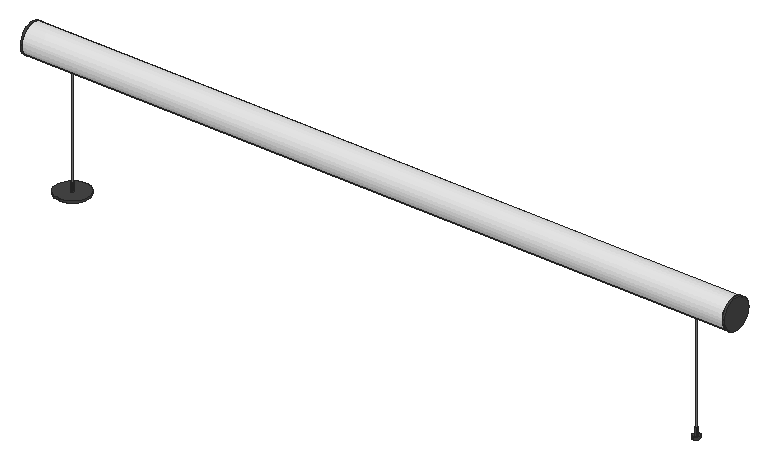
Revit family "Lighting-Linear-Baso-Tubo_Surface_Suspended", category Lighting Fixtures, host Face, Revit 2020
Family settings
  Host = Face
  Round Connector Dimension = Use Diameter
  Part Type = Normal
  OmniClass Number = 23.80.70.11
  OmniClass Title = Luminaries for Internal Lighting
  Cut with Voids When Loaded = No
  Light Source = Yes
  Shared = No
  Room Calculation Point = No
Parameters (values of type "Not A Type - Load Type Catalog")
  Width = Height  # 0' - 4"
  Wattage Comments = ""
  Wattage = 61 W
  Warranty URL = "https://www.basolighting.com/images/pdfs-content/BASO_INC-warranty.pdf"
  built-in parameter 1150110 = 1 (stored number, unit not read)
  Voltage Comments = "Universal 120-277V"  # constant formula
  Voltage = 120 V
  Video Link = ""
  URL = "https://www.basolighting.com/"
  built-in parameter 1114217 = 1 (stored number, unit not read)
  Tilt Angle = -90.00°
  built-in parameter 1150109 = 1 (stored number, unit not read)
  built-in parameter 1150134 = (empty or 0)
  Suspended = yes
  built-in parameter 1150113 = 1 (stored number, unit not read)
  Radius = Height / 2  # 0' - 2"
  Product Page URL = "https://www.basolighting.com/tube"
  Product Name = "Tubo Surface/Suspended"  # constant formula
  Product Documentation Link = "https://www.basolighting.com/images/resources/tube/cut-sheet/TUBE/Surface_Pendant/TUBE-surface-pendant-CS.pdf"
  Power Factor = 0.9
  Photometric Web File = "Select File (Match Photometric File Name)"
  Photometric File Name = "BASO__20_06_TUBO-DIR-OP-40K-1000LF-96IN.ies"
  Phase = 1
  Performance URL = "https://www.basolighting.com/products"
  Number of Poles = if(and(or(Voltage = 120 V, Voltage = 277 V), Phase = 1), 1, if(and(or(Voltage = 208 V, Voltage = 240 V), Phase = 1), 2, if(and(or(Voltage = 208 V, Voltage = 240 V), Phase = 3), 3, if(and(Voltage > 300 V, Phase = 1), 2, if(and(Voltage > 400 V, Phase = 3), 3, 1)))))  # 1
  Mounting Method = if(Suspended, "Suspended", "Pendant")  # "Suspended"
  Material = ""
  Manufacturer Phone Number = "203.262.9990"
  Manufacturer Email = "mailto:Service@basolighting.com"
  Manufacturer Address = "133 W 19th Street New York, NY 10011"
  Lumens Output = "1050lm/ft"
  Load Classification = Lighting
  Length Note = if(or(C Length = 2' 0", C Length = 4' 0", C Length = 6' 0", C Length = 8' 0"), "-", "Custom Length Specified, see spec sheet for details")  # "-"
  Length = 8' - 0"
  Instruction Sheet Link = "https://www.basolighting.com/images/resources/tube/mounting-instruction/TUBE/Surface_Pendant/TUBE-surface-pendant-wall-MI.pdf"
  Height = 0' - 4"  # constant formula
  Has Dimming = 1 = 1  # yes
  Frequency = 0 Hz
  Finish = Metal-Baso-Black-BL
  Suspension Length [instance] = 1' - 3"
  Environment = "Damp Rated"  # constant formula
  C Length = if(Length < 2' 0", 2' 0", (round(Length / 2' 0") * 2' 0"))  # 8' - 0"
  Cable Drop [instance] = if(Drop From Ceiling Tested - Height > 0' 6", Drop From Ceiling Tested - Height, 0' 6")  # 0' - 11"
  Model = "Please Load Accompanying Type Catalog (.txt)"
  Manufacturer = "BASO Inc."
  built-in parameter 1150105 = 264.2 (stored number, unit not read)
  Lumens = 8400 lm
  built-in parameter 1150115 = 1 (stored number, unit not read)
  Lumen Factor = 830 lm
  built-in parameter 1150137 = (empty or 0)
  built-in parameter 1150139 = (empty or 0)
  Lens = Lens-Baso-Opal-OP
  built-in parameter 1150112 = 1 (stored number, unit not read)
  built-in parameter 1150114 = 1 (stored number, unit not read)
  Lamp = "LED"  # constant formula
  built-in parameter 1150132 = 2
  built-in parameter 1150102 = (empty or 0)
  built-in parameter 1150107 = 4000 (stored number, unit not read)
  built-in parameter 1150138 = (empty or 0)
  built-in parameter 1150106 = 2.642 (stored number, unit not read)
  Emit from Rectangle Width = Height  # 0' - 4"
  Emit from Rectangle Length = 1' - 0"
  Emit Shape Visible in Rendering = no
  Emergency [instance] = no
  built-in parameter 1150104 = 12.635 (stored number, unit not read)
  Drop From Ceiling Tested [instance] = if(Suspended, Suspension Length, 0' 0")  # 1' - 3"
  Dimming Lamp Color Temperature Shift = (empty or 0)
  Color Filter = 16777215
  Description = "The multifaceted TUBO fixture fits well into many environments. It can be used to enhance dining rooms, libraries, offices, foyers, schools or retail stores with a unique, modern look. Thanks to its tubular shape, light is emitted evenly in a 340 degree radius with gentle ceiling illumination."  # constant formula
  Default Elevation = 0' - 0"
  Cable = Metal-Baso-Gray-GR
  CRI = "CRI>90"
  CCT = "4000K"
  C Suspension [instance] = if(Suspension Length < 0' 6", 0' 6", if(Suspension Length > 12' 0", 12' 0", Suspension Length))  # 1' - 3"
  built-in parameter 1114218 = 1 (stored number, unit not read)
  built-in parameter 1150133 = 10 (stored number, unit not read)
  Assembly Code = "D5020200"
  Apparent Load = Wattage / Power Factor  # 67.7778 VA
Reference planes (in)
  plane 1 "Center (Left/Right)": x = -0.0174
  plane 2: z = 0
  plane 3 "Center (Front/Back)": y = -1.36108
  plane 4 "Left": x = -48.0174
  plane 5 "Right": x = 47.9826
  plane 6 "Bottom of Fixture": z = 19
  plane 7 "Top of Fixture": z = 15
  plane 8 "Hanging Point 1": x = -42.5174
  plane 9 "Hanging Point 2": x = 42.4826
Forms (in)
  Extrusion 1, solid, material "Metal-Baso-Black-BL" <- "Finish"
    sketch origin (-48.0174, 0, 30) x (0, 1, 0) y (0, 0, 1)
      loop
        arc (-2.54627, -14.611) -> (-1.36108, -15) -> (-0.17589, -14.611) r 2
        line (-0.17589, -14.611) -> (-0.17589, -14.18519) -> (-0.76849, -13.59259) -> (-1.95367, -13.59259) -> (-2.54627, -14.18519) -> (-2.54627, -14.611)
    from 0 to 96
  Extrusion 2, solid, material "Metal-Baso-Black-BL" <- "Finish"
    sketch origin (47.9826, 0, 30) x (0, 1, 0) y (0, 0, 1)
      loop
        circle (-1.36108, -13) r 2
    from -0.3125 to 0
  Extrusion 3, solid, material "Metal-Baso-Black-BL" <- "Finish"
    sketch origin (-48.0174, 0, 30) x (0, 1, 0) y (0, 0, 1)
      loop
        circle (-1.36108, -13) r 2
    from 0.3125 to 0
  Extrusion 4, solid, material "Lens-Baso-Opal-OP" <- "Lens"
    sketch origin (-48.0174, 0, 34.5) x (0, 1, 0) y (0, 0, 1)
      loop
        line (-0.17589, -19.111) -> (-0.17589, -18.95291)
        arc (-0.17589, -18.95291) -> (-1.36108, -15.625) -> (-2.54627, -18.95291) r 1.875
        line (-2.54627, -18.95291) -> (-2.54627, -19.111)
        arc (-2.54627, -19.111) -> (-1.36108, -15.5) -> (-0.17589, -19.111) r 2
    from 0.3125 to 95.6875
Cuts and joins
  joined: Extrusion 1, Extrusion 2, Extrusion 3
Dimensions and locks (in)
  "C Length": plane 4 "Left" to plane 5 "Right"
  equal spacing: plane 4 "Left", plane 1 "Center (Left/Right)", plane 5 "Right"
  "Height": plane 6 "Bottom of Fixture" to plane 7 "Top of Fixture"
  "Drop From Ceiling Tested": plane 7 "Top of Fixture" to level
  locked: plane 4 "Left" to plane 8 "Hanging Point 1" at 5.5
  locked: plane 9 "Hanging Point 2" to plane 5 "Right" at 5.5
  Extrusion 1 sketch curve to Extrusion 1 sketch curve to Extrusion 1 sketch curve to Extrusion 1 sketch curve to Extrusion 1 sketch curve to Extrusion 1 sketch curve to plane 7 "Top of Fixture" = 0' - 0.59259" locked, 0' - 0.59259" locked, 0' - 0" locked, 0' - 0.42582" locked, 0' - 0" locked, 0' - 0.389" locked
  Extrusion 1 sketch curve to Extrusion 1 sketch curve to plane 3 "Center (Front/Back)" to Extrusion 1 sketch curve to Extrusion 1 sketch curve = 0' - 0.59259" locked, 0' - 0.59259" locked, 0' - 0.59259" locked, 0' - 0.59259" locked
  equal spacing: plane 6 "Bottom of Fixture", Extrusion 2 sketch curve, plane 7 "Top of Fixture"
  Extrusion 4 sketch curve to Extrusion 4 sketch curve to Extrusion 4 sketch curve to Extrusion 4 sketch curve to plane 7 "Top of Fixture" = 0' - 0" locked, 0' - 0.15809" locked, 0' - 0" locked, 0' - 0.389" locked
  Extrusion 4 sketch curve to plane 3 "Center (Front/Back)" to Extrusion 4 sketch curve = 0' - 1.18519" locked, 0' - 1.18519" locked
  locked: Extrusion 4 sketch curve to plane 7 "Top of Fixture" at 2
  "Radius": radius of Extrusion 4 sketch curve
  aligned and locked: host face to plane 2
  aligned and locked: host face to level
  aligned and locked: plane 5 "Right" to nested 1
  aligned and locked: plane 4 "Left" to nested 1
  aligned and locked: Extrusion 1 to plane 4 "Left"
  aligned and locked: plane 5 "Right" to Extrusion 1
  aligned and locked: plane 6 "Bottom of Fixture" to imposter light
  aligned and locked: Extrusion 4 to cut or joined group of Extrusion 1, Extrusion 2, Extrusion 3  (x2)
  aligned and locked: Extrusion 3 sketch curve to Extrusion 4
  aligned and locked: plane 4 "Left" to nested 2
  aligned and locked: plane 3 "Center (Front/Back)" to nested 2
  aligned and locked: imposter light to plane 1 "Center (Left/Right)"
  aligned and locked: plane 3 "Center (Front/Back)" to Extrusion 2 sketch curve
  aligned and locked: plane 3 "Center (Front/Back)" to Extrusion 4 sketch curve
Automatic sketch dimensions
  host sketch curve to host sketch curve = 18' - 8.57803"
  host sketch curve to host sketch curve = 16' - 4.71144"
  radius of Extrusion 2 sketch curve = 0' - 2"
Nested families (in)
  nested 1: "Rectangular fill" at (-0.0174, -1.36108, 0.06359), visible <- "Emergency", Width <- "Height", Length <- "C Length", type "Rectangular fill"
    with Width 0' - 4", Length 8' - 0"
  nested 2: "Suspension Nest" at (-48.0174, -1.36108, 0), visible <- "Suspended", type "Suspension Nest"
    with array length 7' - 1", C Short Length 3' - 6 1/2", C Long Length 7' - 1", B 0' - 5 1/2", Array Visbility no, Array Start 3' - 6 1/2", Array 2, Length 8' - 0", C Suspension 1' - 3"
Connectors (in)
  electrical at (-42.5174, -1.36108, 0), driven by "Load Classification", driven by "Number of Poles", driven by "Voltage", driven by "Apparent Load", driven by "Power Factor"
    settings: on nested 2, index 1, voltage 120 V, apparent load 67.7778 VA, apparent load phase1 0 VA, apparent load phase2 0 VA, apparent load phase3 0 VA, power factor 0.9, load classification "Lighting", number of poles 1, system type 30, power factor state 1, is connector primary yes, connector utility no, sub classification motor no, connector description "Power Connection"
Definition of nested family "Suspension Nest"
  Parameters (values of type "Suspension Nest")
    over 96" = if(Length > 8' 11", 1 = 1, if(Length < 8' 11", 0 = 1, 0 = 1))  # no
    array length [instance] = (Length - (2 * B))  # 1' - 1"
    Warranty URL = "https://www.xalusa.com/images/pdfs-content/warranty.pdf"
    Video Link = ""
    Version = "2019 - v1.0a"  # constant formula
    URL = "www.xalusa.com/"
    Support Phone = "224-699-9545"  # constant formula
    Support Email = "mailto:support@bimsmith.com"
    Product Page URL = ""
    Product Name = ""
    Product Documentation Link = ""
    Material = ""
    Manufacturer Phone Number = "203.262.9990"  # constant formula
    Manufacturer Email = "mailto:Service@xalusa.com"
    Manufacturer Address = "133 W 19th Street New York, NY 10011"  # constant formula
    Manufacturer = "XAL Inc."  # constant formula
    Length = 2' - 0"
    Finish = none
    Default Elevation = 4' - 0"
    Cable = none
    C Suspension = 2' - 0"
    C Short Length [instance] = (Length - (2 * B)) / 2  # 0' - 6 1/2"
    C Long Length [instance] = Length - (2 * B)  # 1' - 1"
    B [instance] = 0' - 5 1/2"  # constant formula
    Array Visbility [instance] = if(Length > 8' 11", 1 = 1, if(Length < 8' 11", 0 = 1, 0 = 1))  # no
    Array Start [instance] = array length / Array  # 0' - 6 1/2"
    Array [instance] = if((round(array length / 8' 0") * 1) < 2, 2, (round(array length / 8' 0") * 1))  # 2
    Apparent Load = 0 VA
  Reference planes (in)
    plane 1 "Center (Front/Back)": y = 0
    plane 2: z = 0
    plane 3 "Center (Left/Right)": x = 0
    plane 4: x = -48
    plane 5: x = 48
    plane 6: y = 48
    plane 7: y = -48
    plane 8: z = 24
    plane 9 "T": z = 24.74874
    plane 10: z = 27.74874
    plane 11: x = 5.5
    plane 12: x = 12
    plane 13: x = 18.5
  Forms (in)
    Extrusion 1, solid
      sketch origin (0, 0, 0) x (1, 0, 0) y (0, 1, 0)
        loop
          line (-48, 48) -> (-48, -48) -> (48, -48) -> (48, 48) -> (-48, 48)
      from 0 to -12
    Extrusion 2, solid, not visible
      sketch origin (0, 0, 0) x (1, 0, 0) y (0, 1, 0)
        loop
          circle (0, 0) r 0.5
      from 1.37318 to 1.75
  Dimensions and locks (in)
    equal spacing: plane 4, plane 3 "Center (Left/Right)", plane 5
    equal spacing: plane 6, plane 1 "Center (Front/Back)", plane 7
    "C Suspension": plane 8 to plane 2
    plane 10 to plane 9 "T" to plane 8 = 0' - 3" locked, 0' - 0.74874" locked
    "B": plane 3 "Center (Left/Right)" to plane 11
    connector elem to plane 11 = 0' - 5 1/2"
    group 1 to group 2 = 0' - 6 1/2"
    group 1 to group 2 = 0' - 0"  (x2)
    "Array Start": plane 11 to plane 12
    "array length": plane 11 to plane 13
    aligned and locked: plane 2 to Extrusion 1
    aligned and locked: level to Extrusion 1
    aligned and locked: nested 1 to plane 1 "Center (Front/Back)"
    aligned and locked: nested 2 to plane 1 "Center (Front/Back)"
    aligned and locked: plane 11 to nested 1
    aligned and locked: plane 13 to nested 4
    aligned and locked: plane 12 to nested 3
    aligned and locked: nested 3 to plane 1 "Center (Front/Back)"
    aligned and locked: nested 4 to plane 1 "Center (Front/Back)"
    aligned and locked: plane 13 to nested 2
  Automatic sketch dimensions
    Extrusion 1 sketch curve to Extrusion 1 sketch curve = 8' - 0"  (x2)
    plane 1 "Center (Front/Back)" to Extrusion 2 sketch curve = 0' - 0"
    Extrusion 2 sketch curve to plane 3 "Center (Left/Right)" = 0' - 0"
    radius of Extrusion 2 sketch curve = 0' - 0 1/2"
  Nested families (in)
    nested 1: "Aircraft Suspension" at (5.5, 0, 0) x (0, 1, 0) z (0, 0, 1), Cover Plate Material <- "Finish", Cable Extension <- "C Suspension", type "Aircraft Suspension"
      with Rod Radius 0' - 0 1/16", Power Feed yes, Default Elevation 0' - 0", Cover Plate Thickness 0' - 0 1/4", Cover Plate Radius 0' - 2 3/16", Cover Plate Material none, Cable Gripper Radius 0' - 0 3/16", Cable Gripper Height 0' - 1", Cable Extension 2' - 0"
    nested 2: "Aircraft Suspension" at (18.5, 0, 0) x (0, 1, 0) z (0, 0, 1), Cable Extension <- "C Suspension", Cover Plate Material <- "Finish", type "Aircraft Suspension"
      with Rod Radius 0' - 0 1/16", Power Feed yes, Default Elevation 0' - 0", Cover Plate Thickness 0' - 0 1/4", Cover Plate Radius 0' - 0 1/2", Cover Plate Material none, Cable Gripper Radius 0' - 0 3/16", Cable Gripper Height 0' - 1", Cable Extension 2' - 0"
    nested 3: "Aircraft Suspension" at (12, 0, 0) x (0, 1, 0) z (0, 0, 1), visible <- "over 96"", Cable Extension <- "C Suspension", Cover Plate Material <- "Finish", type "Aircraft Suspension"
      with Rod Radius 0' - 0 1/16", Power Feed yes, Default Elevation 0' - 0", Cover Plate Thickness 0' - 0 1/4", Cover Plate Radius 0' - 0 1/2", Cover Plate Material none, Cable Gripper Radius 0' - 0 3/16", Cable Gripper Height 0' - 1", Cable Extension 2' - 0"
    nested 4: "Aircraft Suspension" at (18.5, 0, 0) x (0, 1, 0) z (0, 0, 1), visible <- "over 96"", Cable Extension <- "C Suspension", Cover Plate Material <- "Finish", type "Aircraft Suspension"
      with Rod Radius 0' - 0 1/16", Power Feed yes, Default Elevation 0' - 0", Cover Plate Thickness 0' - 0 1/4", Cover Plate Radius 0' - 0 1/2", Cover Plate Material none, Cable Gripper Radius 0' - 0 3/16", Cable Gripper Height 0' - 1", Cable Extension 2' - 0"
  Connectors (in)
    electrical at (0, 0, 1.37318), driven by "Apparent Load"
      settings: on Extrusion 2, index 1, voltage 0 V, apparent load 0 VA, apparent load phase1 0 VA, apparent load phase2 0 VA, apparent load phase3 0 VA, power factor 0, load classification none, number of poles 1, system type 30, power factor state 1, is connector primary yes, connector utility no, sub classification motor no, connector description "Power Connection"
  Definition of nested family "Aircraft Suspension"
    Parameters (values of type "Aircraft Suspension")
      Rod Radius [instance] = 0' - 0 1/16"
      Power Feed [instance] = yes
      Default Elevation [instance] = 0' - 0"
      Cover Plate Radius [instance] = 0' - 2 3/16"
      Cover Plate Material [instance] = none
      Cover Plate Thickness [instance] = 0' - 0 1/4"
      Cable Gripper Radius [instance] = 0' - 0 3/16"
      Cable Gripper Height [instance] = 0' - 1"
      Cable Extension [instance] = 0' - 6"
      Cable = none
      Assembly Code = ""
    Reference planes (in)
      plane 1 "Center (Front/Back)": y = 0
      plane 2: z = 0
      plane 3 "Center (Left/Right)": x = 0
      plane 4: z = 6
      plane 5: z = 0.25
      plane 6: z = 0
      plane 7: z = -1.5
    Forms (in)
      Extrusion 1, solid
        sketch origin (0, 0, 0) x (1, 0, 0) y (0, 1, 0)
          loop
            line (-48, 48) -> (-48, -48) -> (48, -48) -> (48, 48) -> (-48, 48)
        from 0 to -12
      Extrusion 2, solid, material <- "Cover Plate Material"
        sketch origin (-4.93153, -180, 0) x (-1, 0, 0) y (0, -1, 0)
          loop
            circle (-4.93153, -180) r 2.1875
        from 0 to 0.25
      Extrusion 3, solid, material <- "Cable"
        sketch origin (-4.93153, -180, 0.25) x (-1, 0, 0) y (0, -1, 0)
          loop
            circle (-4.93153, -180) r 0.0625
        from 0 to 5.75
      Extrusion 4, solid, material <- "Cover Plate Material"
        sketch origin (-4.93153, -180, 0.25) x (-1, 0, 0) y (0, -1, 0)
          loop
            circle (-4.93153, -180) r 0.1875
        from 0 to 1 <- "Cable Gripper Height"
    Dimensions and locks (in)
      "Cable Extension": plane 4 to level
      "Cover Plate Thickness": plane 5 to plane 6
      locked: plane 6 to plane 7 at 1.5
      "Default Elevation": plane 6 to level
      "Cover Plate Radius": radius of Extrusion 2 sketch curve
      "Rod Radius": radius of Extrusion 3 sketch curve
      "Cable Gripper Radius": radius of Extrusion 4 sketch curve
      aligned and locked: plane 2 to Extrusion 1
      aligned and locked: level to Extrusion 1
      aligned and locked: plane 4 to Extrusion 3
      aligned and locked: plane 5 to Extrusion 2
    Automatic sketch dimensions
      Extrusion 1 sketch curve to Extrusion 1 sketch curve = 8' - 0"  (x2)
      plane 1 "Center (Front/Back)" to Extrusion 2 sketch curve = 0' - 0"
      Extrusion 2 sketch curve to plane 3 "Center (Left/Right)" = 0' - 0"
      plane 1 "Center (Front/Back)" to Extrusion 3 sketch curve = 0' - 0"
      Extrusion 3 sketch curve to plane 3 "Center (Left/Right)" = 0' - 0"
Definition of nested family "Rectangular fill"
  Parameters
    Width [instance] = 2' - 0"
    Length [instance] = 4' - 0"
    Assembly Code = ""
  Reference planes (in)
    plane 1 "Center (Front/Back)": y = 0
    plane 2: z = 0
    plane 3 "Center (Left/Right)": x = 0
    plane 4: x = -24
    plane 5: y = -12
    plane 6: y = 12
    plane 7: x = 24
  Lines and regions (in)
    Filled region 1, type "Solid Fill - Black", in view "Ref. Level"
      outline origin (0, 0, 0) x (1, 0, 0) y (0, 1, 0)
        loop
          line (-24, 12) -> (-24, -12) -> (24, -12) -> (-24, 12)
    detail lines, in view "Ref. Level"
      curve 1: line (-24, -12, 0) -> (24, -12, 0)
      curve 2: line (-24, 12, 0) -> (-24, -12, 0)
      curve 3: line (24, 12, 0) -> (-24, 12, 0)
      curve 4: line (24, -12, 0) -> (24, 12, 0)
  Dimensions and locks (in)
    equal spacing: plane 4, plane 3 "Center (Left/Right)", plane 7
    equal spacing: plane 6, plane 1 "Center (Front/Back)", plane 5
    "Length": plane 4 to plane 7
    "Width": plane 6 to plane 5
    aligned and locked: Filled region 1 sketch curve to plane 4
    aligned and locked: Filled region 1 sketch curve to plane 5
    aligned and locked: plane 6 to Filled region 1 sketch curve
    aligned and locked: plane 7 to Filled region 1 sketch curve
    aligned and locked: Filled region 1 to curve 1
    aligned and locked: curve 1 to Filled region 1
    aligned and locked: plane 6 to curve 4
    aligned and locked: plane 7 to curve 4
Types in the file's own list only (360): name | Wattage Comments | Suspended | Photometric File Name | Mounting Method | Lumens Output | Length | C Length | Model | CRI | CCT | Apparent Load
  TUBO-SUR-WH-OP-30K-C80-UNV-010V-0680LF-24IN | "9W" | No | "generic.ies" | "Pendant" | "680lm/ft" | 2' - 0" | 2' - 0" | "TUBO-SUR-WH-OP-30K-C80-UNV-010V-0680LF-24IN" | "CRI>80" | "3000K" | 10 VA
  TUBO-SUR-WH-OP-30K-C80-UNV-010V-0680LF-48IN | "19W" | No | "BASO__20_06_TUBO-DIR-OP-30K-0600LF-48IN.ies" | "Pendant" | "680lm/ft" | 4' - 0" | 4' - 0" | "TUBO-SUR-WH-OP-30K-C80-UNV-010V-0680LF-48IN" | "CRI>80" | "3000K" | 21 VA
  TUBO-SUR-WH-OP-30K-C80-UNV-010V-0680LF-72IN | "29W" | No | "generic.ies" | "Pendant" | "680lm/ft" | 6' - 0" | 6' - 0" | "TUBO-SUR-WH-OP-30K-C80-UNV-010V-0680LF-72IN" | "CRI>80" | "3000K" | 32 VA
  TUBO-SUR-WH-OP-30K-C80-UNV-010V-0680LF-96IN | "38W" | No | "BASO__20_06_TUBO-DIR-OP-30K-0600LF-96IN.ies" | "Pendant" | "680lm/ft" | 8' - 0" | 8' - 0" | "TUBO-SUR-WH-OP-30K-C80-UNV-010V-0680LF-96IN" | "CRI>80" | "3000K" | 42 VA
  TUBO-SUR-WH-OP-30K-C80-UNV-010V-0680LF-XXIN | "47W" | No | "generic.ies" | "Pendant" | "680lm/ft" | 2' - 0" | 2' - 0" | "TUBO-SUR-WH-OP-30K-C80-UNV-010V-0680LF-XXIN" | "CRI>80" | "3000K" | 52 VA
  TUBO-SUR-WH-OP-30K-C80-UNV-010V-1050LF-24IN | "15W" | No | "generic.ies" | "Pendant" | "1050lm/ft" | 2' - 0" | 2' - 0" | "TUBO-SUR-WH-OP-30K-C80-UNV-010V-1050LF-24IN" | "CRI>80" | "3000K" | 17 VA
  TUBO-SUR-WH-OP-30K-C80-UNV-010V-1050LF-48IN | "31W" | No | "BASO__20_06_TUBO-DIR-OP-30K-1000LF-48IN.ies" | "Pendant" | "1050lm/ft" | 4' - 0" | 4' - 0" | "TUBO-SUR-WH-OP-30K-C80-UNV-010V-1050LF-48IN" | "CRI>80" | "3000K" | 34 VA
  TUBO-SUR-WH-OP-30K-C80-UNV-010V-1050LF-72IN | "46W" | No | "generic.ies" | "Pendant" | "1050lm/ft" | 6' - 0" | 6' - 0" | "TUBO-SUR-WH-OP-30K-C80-UNV-010V-1050LF-72IN" | "CRI>80" | "3000K" | 51 VA
  TUBO-SUR-WH-OP-30K-C80-UNV-010V-1050LF-96IN | "61W" | No | "BASO__20_06_TUBO-DIR-OP-30K-1000LF-96IN.ies" | "Pendant" | "1050lm/ft" | 8' - 0" | 8' - 0" | "TUBO-SUR-WH-OP-30K-C80-UNV-010V-1050LF-96IN" | "CRI>80" | "3000K" | 68 VA
  TUBO-SUR-WH-OP-30K-C80-UNV-010V-1050LF-XXIN | "77W" | No | "generic.ies" | "Pendant" | "1050lm/ft" | 2' - 0" | 2' - 0" | "TUBO-SUR-WH-OP-30K-C80-UNV-010V-1050LF-XXIN" | "CRI>80" | "3000K" | 86 VA
  TUBO-SUR-WH-OP-30K-C90-UNV-010V-0680LF-24IN | "9W" | No | "generic.ies" | "Pendant" | "680lm/ft" | 2' - 0" | 2' - 0" | "TUBO-SUR-WH-OP-30K-C90-UNV-010V-0680LF-24IN" | "CRI>90" | "3000K" | 10 VA
  TUBO-SUR-WH-OP-30K-C90-UNV-010V-0680LF-48IN | "19W" | No | "BASO__20_06_TUBO-DIR-OP-30K-0600LF-48IN.ies" | "Pendant" | "680lm/ft" | 4' - 0" | 4' - 0" | "TUBO-SUR-WH-OP-30K-C90-UNV-010V-0680LF-48IN" | "CRI>90" | "3000K" | 21 VA
  TUBO-SUR-WH-OP-30K-C90-UNV-010V-0680LF-72IN | "29W" | No | "generic.ies" | "Pendant" | "680lm/ft" | 6' - 0" | 6' - 0" | "TUBO-SUR-WH-OP-30K-C90-UNV-010V-0680LF-72IN" | "CRI>90" | "3000K" | 32 VA
  TUBO-SUR-WH-OP-30K-C90-UNV-010V-0680LF-96IN | "38W" | No | "BASO__20_06_TUBO-DIR-OP-30K-0600LF-96IN.ies" | "Pendant" | "680lm/ft" | 8' - 0" | 8' - 0" | "TUBO-SUR-WH-OP-30K-C90-UNV-010V-0680LF-96IN" | "CRI>90" | "3000K" | 42 VA
  TUBO-SUR-WH-OP-30K-C90-UNV-010V-0680LF-XXIN | "47W" | No | "generic.ies" | "Pendant" | "680lm/ft" | 2' - 0" | 2' - 0" | "TUBO-SUR-WH-OP-30K-C90-UNV-010V-0680LF-XXIN" | "CRI>90" | "3000K" | 52 VA
  TUBO-SUR-WH-OP-30K-C90-UNV-010V-1050LF-24IN | "15W" | No | "generic.ies" | "Pendant" | "1050lm/ft" | 2' - 0" | 2' - 0" | "TUBO-SUR-WH-OP-30K-C90-UNV-010V-1050LF-24IN" | "CRI>90" | "3000K" | 17 VA
  TUBO-SUR-WH-OP-30K-C90-UNV-010V-1050LF-48IN | "31W" | No | "BASO__20_06_TUBO-DIR-OP-30K-1000LF-48IN.ies" | "Pendant" | "1050lm/ft" | 4' - 0" | 4' - 0" | "TUBO-SUR-WH-OP-30K-C90-UNV-010V-1050LF-48IN" | "CRI>90" | "3000K" | 34 VA
  TUBO-SUR-WH-OP-30K-C90-UNV-010V-1050LF-72IN | "46W" | No | "generic.ies" | "Pendant" | "1050lm/ft" | 6' - 0" | 6' - 0" | "TUBO-SUR-WH-OP-30K-C90-UNV-010V-1050LF-72IN" | "CRI>90" | "3000K" | 51 VA
  TUBO-SUR-WH-OP-30K-C90-UNV-010V-1050LF-96IN | "61W" | No | "BASO__20_06_TUBO-DIR-OP-30K-1000LF-96IN.ies" | "Pendant" | "1050lm/ft" | 8' - 0" | 8' - 0" | "TUBO-SUR-WH-OP-30K-C90-UNV-010V-1050LF-96IN" | "CRI>90" | "3000K" | 68 VA
  TUBO-SUR-WH-OP-30K-C90-UNV-010V-1050LF-XXIN | "77W" | No | "generic.ies" | "Pendant" | "1050lm/ft" | 2' - 0" | 2' - 0" | "TUBO-SUR-WH-OP-30K-C90-UNV-010V-1050LF-XXIN" | "CRI>90" | "3000K" | 86 VA
  TUBO-SUR-WH-OP-35K-C80-UNV-010V-0680LF-24IN | "9W" | No | "generic.ies" | "Pendant" | "680lm/ft" | 2' - 0" | 2' - 0" | "TUBO-SUR-WH-OP-35K-C80-UNV-010V-0680LF-24IN" | "CRI>80" | "3500K" | 10 VA
  TUBO-SUR-WH-OP-35K-C80-UNV-010V-0680LF-48IN | "19W" | No | "BASO__20_06_TUBO-DIR-OP-35K-0600LF-48IN.ies" | "Pendant" | "680lm/ft" | 4' - 0" | 4' - 0" | "TUBO-SUR-WH-OP-35K-C80-UNV-010V-0680LF-48IN" | "CRI>80" | "3500K" | 21 VA
  TUBO-SUR-WH-OP-35K-C80-UNV-010V-0680LF-72IN | "29W" | No | "generic.ies" | "Pendant" | "680lm/ft" | 6' - 0" | 6' - 0" | "TUBO-SUR-WH-OP-35K-C80-UNV-010V-0680LF-72IN" | "CRI>80" | "3500K" | 32 VA
  TUBO-SUR-WH-OP-35K-C80-UNV-010V-0680LF-96IN | "38W" | No | "BASO__20_06_TUBO-DIR-OP-35K-0600LF-96IN.ies" | "Pendant" | "680lm/ft" | 8' - 0" | 8' - 0" | "TUBO-SUR-WH-OP-35K-C80-UNV-010V-0680LF-96IN" | "CRI>80" | "3500K" | 42 VA
  TUBO-SUR-WH-OP-35K-C80-UNV-010V-0680LF-XXIN | "47W" | No | "generic.ies" | "Pendant" | "680lm/ft" | 2' - 0" | 2' - 0" | "TUBO-SUR-WH-OP-35K-C80-UNV-010V-0680LF-XXIN" | "CRI>80" | "3500K" | 52 VA
  TUBO-SUR-WH-OP-35K-C80-UNV-010V-1050LF-24IN | "15W" | No | "generic.ies" | "Pendant" | "1050lm/ft" | 2' - 0" | 2' - 0" | "TUBO-SUR-WH-OP-35K-C80-UNV-010V-1050LF-24IN" | "CRI>80" | "3500K" | 17 VA
  TUBO-SUR-WH-OP-35K-C80-UNV-010V-1050LF-48IN | "31W" | No | "BASO__20_06_TUBO-DIR-OP-35K-1000LF-48IN.ies" | "Pendant" | "1050lm/ft" | 4' - 0" | 4' - 0" | "TUBO-SUR-WH-OP-35K-C80-UNV-010V-1050LF-48IN" | "CRI>80" | "3500K" | 34 VA
  TUBO-SUR-WH-OP-35K-C80-UNV-010V-1050LF-72IN | "46W" | No | "generic.ies" | "Pendant" | "1050lm/ft" | 6' - 0" | 6' - 0" | "TUBO-SUR-WH-OP-35K-C80-UNV-010V-1050LF-72IN" | "CRI>80" | "3500K" | 51 VA
  TUBO-SUR-WH-OP-35K-C80-UNV-010V-1050LF-96IN | "61W" | No | "BASO__20_06_TUBO-DIR-OP-35K-1000LF-96IN.ies" | "Pendant" | "1050lm/ft" | 8' - 0" | 8' - 0" | "TUBO-SUR-WH-OP-35K-C80-UNV-010V-1050LF-96IN" | "CRI>80" | "3500K" | 68 VA
  TUBO-SUR-WH-OP-35K-C80-UNV-010V-1050LF-XXIN | "77W" | No | "generic.ies" | "Pendant" | "1050lm/ft" | 2' - 0" | 2' - 0" | "TUBO-SUR-WH-OP-35K-C80-UNV-010V-1050LF-XXIN" | "CRI>80" | "3500K" | 86 VA
  TUBO-SUR-WH-OP-35K-C90-UNV-010V-0680LF-24IN | "9W" | No | "generic.ies" | "Pendant" | "680lm/ft" | 2' - 0" | 2' - 0" | "TUBO-SUR-WH-OP-35K-C90-UNV-010V-0680LF-24IN" | "CRI>90" | "3500K" | 10 VA
  TUBO-SUR-WH-OP-35K-C90-UNV-010V-0680LF-48IN | "19W" | No | "BASO__20_06_TUBO-DIR-OP-35K-0600LF-48IN.ies" | "Pendant" | "680lm/ft" | 4' - 0" | 4' - 0" | "TUBO-SUR-WH-OP-35K-C90-UNV-010V-0680LF-48IN" | "CRI>90" | "3500K" | 21 VA
  TUBO-SUR-WH-OP-35K-C90-UNV-010V-0680LF-72IN | "29W" | No | "generic.ies" | "Pendant" | "680lm/ft" | 6' - 0" | 6' - 0" | "TUBO-SUR-WH-OP-35K-C90-UNV-010V-0680LF-72IN" | "CRI>90" | "3500K" | 32 VA
  TUBO-SUR-WH-OP-35K-C90-UNV-010V-0680LF-96IN | "38W" | No | "BASO__20_06_TUBO-DIR-OP-35K-0600LF-96IN.ies" | "Pendant" | "680lm/ft" | 8' - 0" | 8' - 0" | "TUBO-SUR-WH-OP-35K-C90-UNV-010V-0680LF-96IN" | "CRI>90" | "3500K" | 42 VA
  TUBO-SUR-WH-OP-35K-C90-UNV-010V-0680LF-XXIN | "47W" | No | "generic.ies" | "Pendant" | "680lm/ft" | 2' - 0" | 2' - 0" | "TUBO-SUR-WH-OP-35K-C90-UNV-010V-0680LF-XXIN" | "CRI>90" | "3500K" | 52 VA
  TUBO-SUR-WH-OP-35K-C90-UNV-010V-1050LF-24IN | "15W" | No | "generic.ies" | "Pendant" | "1050lm/ft" | 2' - 0" | 2' - 0" | "TUBO-SUR-WH-OP-35K-C90-UNV-010V-1050LF-24IN" | "CRI>90" | "3500K" | 17 VA
  TUBO-SUR-WH-OP-35K-C90-UNV-010V-1050LF-48IN | "31W" | No | "BASO__20_06_TUBO-DIR-OP-35K-1000LF-48IN.ies" | "Pendant" | "1050lm/ft" | 4' - 0" | 4' - 0" | "TUBO-SUR-WH-OP-35K-C90-UNV-010V-1050LF-48IN" | "CRI>90" | "3500K" | 34 VA
  TUBO-SUR-WH-OP-35K-C90-UNV-010V-1050LF-72IN | "46W" | No | "generic.ies" | "Pendant" | "1050lm/ft" | 6' - 0" | 6' - 0" | "TUBO-SUR-WH-OP-35K-C90-UNV-010V-1050LF-72IN" | "CRI>90" | "3500K" | 51 VA
  TUBO-SUR-WH-OP-35K-C90-UNV-010V-1050LF-96IN | "61W" | No | "BASO__20_06_TUBO-DIR-OP-35K-1000LF-96IN.ies" | "Pendant" | "1050lm/ft" | 8' - 0" | 8' - 0" | "TUBO-SUR-WH-OP-35K-C90-UNV-010V-1050LF-96IN" | "CRI>90" | "3500K" | 68 VA
  TUBO-SUR-WH-OP-35K-C90-UNV-010V-1050LF-XXIN | "77W" | No | "generic.ies" | "Pendant" | "1050lm/ft" | 2' - 0" | 2' - 0" | "TUBO-SUR-WH-OP-35K-C90-UNV-010V-1050LF-XXIN" | "CRI>90" | "3500K" | 86 VA
  TUBO-SUR-WH-OP-40K-C80-UNV-010V-0680LF-24IN | "9W" | No | "generic.ies" | "Pendant" | "680lm/ft" | 2' - 0" | 2' - 0" | "TUBO-SUR-WH-OP-40K-C80-UNV-010V-0680LF-24IN" | "CRI>80" | "4000K" | 10 VA
  TUBO-SUR-WH-OP-40K-C80-UNV-010V-0680LF-48IN | "19W" | No | "BASO__20_06_TUBO-DIR-OP-40K-0600LF-48IN.ies" | "Pendant" | "680lm/ft" | 4' - 0" | 4' - 0" | "TUBO-SUR-WH-OP-40K-C80-UNV-010V-0680LF-48IN" | "CRI>80" | "4000K" | 21 VA
  TUBO-SUR-WH-OP-40K-C80-UNV-010V-0680LF-72IN | "29W" | No | "generic.ies" | "Pendant" | "680lm/ft" | 6' - 0" | 6' - 0" | "TUBO-SUR-WH-OP-40K-C80-UNV-010V-0680LF-72IN" | "CRI>80" | "4000K" | 32 VA
  TUBO-SUR-WH-OP-40K-C80-UNV-010V-0680LF-96IN | "38W" | No | "BASO__20_06_TUBO-DIR-OP-40K-0600LF-96IN.ies" | "Pendant" | "680lm/ft" | 8' - 0" | 8' - 0" | "TUBO-SUR-WH-OP-40K-C80-UNV-010V-0680LF-96IN" | "CRI>80" | "4000K" | 42 VA
  TUBO-SUR-WH-OP-40K-C80-UNV-010V-0680LF-XXIN | "47W" | No | "generic.ies" | "Pendant" | "680lm/ft" | 2' - 0" | 2' - 0" | "TUBO-SUR-WH-OP-40K-C80-UNV-010V-0680LF-XXIN" | "CRI>80" | "4000K" | 52 VA
  TUBO-SUR-WH-OP-40K-C80-UNV-010V-1050LF-24IN | "15W" | No | "generic.ies" | "Pendant" | "1050lm/ft" | 2' - 0" | 2' - 0" | "TUBO-SUR-WH-OP-40K-C80-UNV-010V-1050LF-24IN" | "CRI>80" | "4000K" | 17 VA
  TUBO-SUR-WH-OP-40K-C80-UNV-010V-1050LF-48IN | "31W" | No | "BASO__20_06_TUBO-DIR-OP-40K-1000LF-48IN.ies" | "Pendant" | "1050lm/ft" | 4' - 0" | 4' - 0" | "TUBO-SUR-WH-OP-40K-C80-UNV-010V-1050LF-48IN" | "CRI>80" | "4000K" | 34 VA
  TUBO-SUR-WH-OP-40K-C80-UNV-010V-1050LF-72IN | "46W" | No | "generic.ies" | "Pendant" | "1050lm/ft" | 6' - 0" | 6' - 0" | "TUBO-SUR-WH-OP-40K-C80-UNV-010V-1050LF-72IN" | "CRI>80" | "4000K" | 51 VA
  TUBO-SUR-WH-OP-40K-C80-UNV-010V-1050LF-96IN | "61W" | No | "BASO__20_06_TUBO-DIR-OP-40K-1000LF-96IN.ies" | "Pendant" | "1050lm/ft" | 8' - 0" | 8' - 0" | "TUBO-SUR-WH-OP-40K-C80-UNV-010V-1050LF-96IN" | "CRI>80" | "4000K" | 68 VA
  TUBO-SUR-WH-OP-40K-C80-UNV-010V-1050LF-XXIN | "77W" | No | "generic.ies" | "Pendant" | "1050lm/ft" | 2' - 0" | 2' - 0" | "TUBO-SUR-WH-OP-40K-C80-UNV-010V-1050LF-XXIN" | "CRI>80" | "4000K" | 86 VA
  TUBO-SUR-WH-OP-40K-C90-UNV-010V-0680LF-24IN | "9W" | No | "generic.ies" | "Pendant" | "680lm/ft" | 2' - 0" | 2' - 0" | "TUBO-SUR-WH-OP-40K-C90-UNV-010V-0680LF-24IN" | "CRI>90" | "4000K" | 10 VA
  TUBO-SUR-WH-OP-40K-C90-UNV-010V-0680LF-48IN | "19W" | No | "BASO__20_06_TUBO-DIR-OP-40K-0600LF-48IN.ies" | "Pendant" | "680lm/ft" | 4' - 0" | 4' - 0" | "TUBO-SUR-WH-OP-40K-C90-UNV-010V-0680LF-48IN" | "CRI>90" | "4000K" | 21 VA
  TUBO-SUR-WH-OP-40K-C90-UNV-010V-0680LF-72IN | "29W" | No | "generic.ies" | "Pendant" | "680lm/ft" | 6' - 0" | 6' - 0" | "TUBO-SUR-WH-OP-40K-C90-UNV-010V-0680LF-72IN" | "CRI>90" | "4000K" | 32 VA
  TUBO-SUR-WH-OP-40K-C90-UNV-010V-0680LF-96IN | "38W" | No | "BASO__20_06_TUBO-DIR-OP-40K-0600LF-96IN.ies" | "Pendant" | "680lm/ft" | 8' - 0" | 8' - 0" | "TUBO-SUR-WH-OP-40K-C90-UNV-010V-0680LF-96IN" | "CRI>90" | "4000K" | 42 VA
  TUBO-SUR-WH-OP-40K-C90-UNV-010V-0680LF-XXIN | "47W" | No | "generic.ies" | "Pendant" | "680lm/ft" | 2' - 0" | 2' - 0" | "TUBO-SUR-WH-OP-40K-C90-UNV-010V-0680LF-XXIN" | "CRI>90" | "4000K" | 52 VA
  TUBO-SUR-WH-OP-40K-C90-UNV-010V-1050LF-24IN | "15W" | No | "generic.ies" | "Pendant" | "1050lm/ft" | 2' - 0" | 2' - 0" | "TUBO-SUR-WH-OP-40K-C90-UNV-010V-1050LF-24IN" | "CRI>90" | "4000K" | 17 VA
  TUBO-SUR-WH-OP-40K-C90-UNV-010V-1050LF-48IN | "31W" | No | "BASO__20_06_TUBO-DIR-OP-40K-1000LF-48IN.ies" | "Pendant" | "1050lm/ft" | 4' - 0" | 4' - 0" | "TUBO-SUR-WH-OP-40K-C90-UNV-010V-1050LF-48IN" | "CRI>90" | "4000K" | 34 VA
  TUBO-SUR-WH-OP-40K-C90-UNV-010V-1050LF-72IN | "46W" | No | "generic.ies" | "Pendant" | "1050lm/ft" | 6' - 0" | 6' - 0" | "TUBO-SUR-WH-OP-40K-C90-UNV-010V-1050LF-72IN" | "CRI>90" | "4000K" | 51 VA
  TUBO-SUR-WH-OP-40K-C90-UNV-010V-1050LF-96IN | "61W" | No | "BASO__20_06_TUBO-DIR-OP-40K-1000LF-96IN.ies" | "Pendant" | "1050lm/ft" | 8' - 0" | 8' - 0" | "TUBO-SUR-WH-OP-40K-C90-UNV-010V-1050LF-96IN" | "CRI>90" | "4000K" | 68 VA
  TUBO-SUR-WH-OP-40K-C90-UNV-010V-1050LF-XXIN | "77W" | No | "generic.ies" | "Pendant" | "1050lm/ft" | 2' - 0" | 2' - 0" | "TUBO-SUR-WH-OP-40K-C90-UNV-010V-1050LF-XXIN" | "CRI>90" | "4000K" | 86 VA
  TUBO-SUR-BL-OP-30K-C80-UNV-010V-0680LF-24IN | "9W" | No | "generic.ies" | "Pendant" | "680lm/ft" | 2' - 0" | 2' - 0" | "TUBO-SUR-BL-OP-30K-C80-UNV-010V-0680LF-24IN" | "CRI>80" | "3000K" | 10 VA
  TUBO-SUR-BL-OP-30K-C80-UNV-010V-0680LF-48IN | "19W" | No | "BASO__20_06_TUBO-DIR-OP-30K-0600LF-48IN.ies" | "Pendant" | "680lm/ft" | 4' - 0" | 4' - 0" | "TUBO-SUR-BL-OP-30K-C80-UNV-010V-0680LF-48IN" | "CRI>80" | "3000K" | 21 VA
  TUBO-SUR-BL-OP-30K-C80-UNV-010V-0680LF-72IN | "29W" | No | "generic.ies" | "Pendant" | "680lm/ft" | 6' - 0" | 6' - 0" | "TUBO-SUR-BL-OP-30K-C80-UNV-010V-0680LF-72IN" | "CRI>80" | "3000K" | 32 VA
  TUBO-SUR-BL-OP-30K-C80-UNV-010V-0680LF-96IN | "38W" | No | "BASO__20_06_TUBO-DIR-OP-30K-0600LF-96IN.ies" | "Pendant" | "680lm/ft" | 8' - 0" | 8' - 0" | "TUBO-SUR-BL-OP-30K-C80-UNV-010V-0680LF-96IN" | "CRI>80" | "3000K" | 42 VA
  TUBO-SUR-BL-OP-30K-C80-UNV-010V-0680LF-XXIN | "47W" | No | "generic.ies" | "Pendant" | "680lm/ft" | 2' - 0" | 2' - 0" | "TUBO-SUR-BL-OP-30K-C80-UNV-010V-0680LF-XXIN" | "CRI>80" | "3000K" | 52 VA
  TUBO-SUR-BL-OP-30K-C80-UNV-010V-1050LF-24IN | "15W" | No | "generic.ies" | "Pendant" | "1050lm/ft" | 2' - 0" | 2' - 0" | "TUBO-SUR-BL-OP-30K-C80-UNV-010V-1050LF-24IN" | "CRI>80" | "3000K" | 17 VA
  TUBO-SUR-BL-OP-30K-C80-UNV-010V-1050LF-48IN | "31W" | No | "BASO__20_06_TUBO-DIR-OP-30K-1000LF-48IN.ies" | "Pendant" | "1050lm/ft" | 4' - 0" | 4' - 0" | "TUBO-SUR-BL-OP-30K-C80-UNV-010V-1050LF-48IN" | "CRI>80" | "3000K" | 34 VA
  TUBO-SUR-BL-OP-30K-C80-UNV-010V-1050LF-72IN | "46W" | No | "generic.ies" | "Pendant" | "1050lm/ft" | 6' - 0" | 6' - 0" | "TUBO-SUR-BL-OP-30K-C80-UNV-010V-1050LF-72IN" | "CRI>80" | "3000K" | 51 VA
  TUBO-SUR-BL-OP-30K-C80-UNV-010V-1050LF-96IN | "61W" | No | "BASO__20_06_TUBO-DIR-OP-30K-1000LF-96IN.ies" | "Pendant" | "1050lm/ft" | 8' - 0" | 8' - 0" | "TUBO-SUR-BL-OP-30K-C80-UNV-010V-1050LF-96IN" | "CRI>80" | "3000K" | 68 VA
  TUBO-SUR-BL-OP-30K-C80-UNV-010V-1050LF-XXIN | "77W" | No | "generic.ies" | "Pendant" | "1050lm/ft" | 2' - 0" | 2' - 0" | "TUBO-SUR-BL-OP-30K-C80-UNV-010V-1050LF-XXIN" | "CRI>80" | "3000K" | 86 VA
  TUBO-SUR-BL-OP-30K-C90-UNV-010V-0680LF-24IN | "9W" | No | "generic.ies" | "Pendant" | "680lm/ft" | 2' - 0" | 2' - 0" | "TUBO-SUR-BL-OP-30K-C90-UNV-010V-0680LF-24IN" | "CRI>90" | "3000K" | 10 VA
  TUBO-SUR-BL-OP-30K-C90-UNV-010V-0680LF-48IN | "19W" | No | "BASO__20_06_TUBO-DIR-OP-30K-0600LF-48IN.ies" | "Pendant" | "680lm/ft" | 4' - 0" | 4' - 0" | "TUBO-SUR-BL-OP-30K-C90-UNV-010V-0680LF-48IN" | "CRI>90" | "3000K" | 21 VA
  TUBO-SUR-BL-OP-30K-C90-UNV-010V-0680LF-72IN | "29W" | No | "generic.ies" | "Pendant" | "680lm/ft" | 6' - 0" | 6' - 0" | "TUBO-SUR-BL-OP-30K-C90-UNV-010V-0680LF-72IN" | "CRI>90" | "3000K" | 32 VA
  TUBO-SUR-BL-OP-30K-C90-UNV-010V-0680LF-96IN | "38W" | No | "BASO__20_06_TUBO-DIR-OP-30K-0600LF-96IN.ies" | "Pendant" | "680lm/ft" | 8' - 0" | 8' - 0" | "TUBO-SUR-BL-OP-30K-C90-UNV-010V-0680LF-96IN" | "CRI>90" | "3000K" | 42 VA
  TUBO-SUR-BL-OP-30K-C90-UNV-010V-0680LF-XXIN | "47W" | No | "generic.ies" | "Pendant" | "680lm/ft" | 2' - 0" | 2' - 0" | "TUBO-SUR-BL-OP-30K-C90-UNV-010V-0680LF-XXIN" | "CRI>90" | "3000K" | 52 VA
  TUBO-SUR-BL-OP-30K-C90-UNV-010V-1050LF-24IN | "15W" | No | "generic.ies" | "Pendant" | "1050lm/ft" | 2' - 0" | 2' - 0" | "TUBO-SUR-BL-OP-30K-C90-UNV-010V-1050LF-24IN" | "CRI>90" | "3000K" | 17 VA
  TUBO-SUR-BL-OP-30K-C90-UNV-010V-1050LF-48IN | "31W" | No | "BASO__20_06_TUBO-DIR-OP-30K-1000LF-48IN.ies" | "Pendant" | "1050lm/ft" | 4' - 0" | 4' - 0" | "TUBO-SUR-BL-OP-30K-C90-UNV-010V-1050LF-48IN" | "CRI>90" | "3000K" | 34 VA
  TUBO-SUR-BL-OP-30K-C90-UNV-010V-1050LF-72IN | "46W" | No | "generic.ies" | "Pendant" | "1050lm/ft" | 6' - 0" | 6' - 0" | "TUBO-SUR-BL-OP-30K-C90-UNV-010V-1050LF-72IN" | "CRI>90" | "3000K" | 51 VA
  TUBO-SUR-BL-OP-30K-C90-UNV-010V-1050LF-96IN | "61W" | No | "BASO__20_06_TUBO-DIR-OP-30K-1000LF-96IN.ies" | "Pendant" | "1050lm/ft" | 8' - 0" | 8' - 0" | "TUBO-SUR-BL-OP-30K-C90-UNV-010V-1050LF-96IN" | "CRI>90" | "3000K" | 68 VA
  TUBO-SUR-BL-OP-30K-C90-UNV-010V-1050LF-XXIN | "77W" | No | "generic.ies" | "Pendant" | "1050lm/ft" | 2' - 0" | 2' - 0" | "TUBO-SUR-BL-OP-30K-C90-UNV-010V-1050LF-XXIN" | "CRI>90" | "3000K" | 86 VA
  TUBO-SUR-BL-OP-35K-C80-UNV-010V-0680LF-24IN | "9W" | No | "generic.ies" | "Pendant" | "680lm/ft" | 2' - 0" | 2' - 0" | "TUBO-SUR-BL-OP-35K-C80-UNV-010V-0680LF-24IN" | "CRI>80" | "3500K" | 10 VA
  TUBO-SUR-BL-OP-35K-C80-UNV-010V-0680LF-48IN | "19W" | No | "BASO__20_06_TUBO-DIR-OP-35K-0600LF-48IN.ies" | "Pendant" | "680lm/ft" | 4' - 0" | 4' - 0" | "TUBO-SUR-BL-OP-35K-C80-UNV-010V-0680LF-48IN" | "CRI>80" | "3500K" | 21 VA
  TUBO-SUR-BL-OP-35K-C80-UNV-010V-0680LF-72IN | "29W" | No | "generic.ies" | "Pendant" | "680lm/ft" | 6' - 0" | 6' - 0" | "TUBO-SUR-BL-OP-35K-C80-UNV-010V-0680LF-72IN" | "CRI>80" | "3500K" | 32 VA
  TUBO-SUR-BL-OP-35K-C80-UNV-010V-0680LF-96IN | "38W" | No | "BASO__20_06_TUBO-DIR-OP-35K-0600LF-96IN.ies" | "Pendant" | "680lm/ft" | 8' - 0" | 8' - 0" | "TUBO-SUR-BL-OP-35K-C80-UNV-010V-0680LF-96IN" | "CRI>80" | "3500K" | 42 VA
  TUBO-SUR-BL-OP-35K-C80-UNV-010V-0680LF-XXIN | "47W" | No | "generic.ies" | "Pendant" | "680lm/ft" | 2' - 0" | 2' - 0" | "TUBO-SUR-BL-OP-35K-C80-UNV-010V-0680LF-XXIN" | "CRI>80" | "3500K" | 52 VA
  TUBO-SUR-BL-OP-35K-C80-UNV-010V-1050LF-24IN | "15W" | No | "generic.ies" | "Pendant" | "1050lm/ft" | 2' - 0" | 2' - 0" | "TUBO-SUR-BL-OP-35K-C80-UNV-010V-1050LF-24IN" | "CRI>80" | "3500K" | 17 VA
  TUBO-SUR-BL-OP-35K-C80-UNV-010V-1050LF-48IN | "31W" | No | "BASO__20_06_TUBO-DIR-OP-35K-1000LF-48IN.ies" | "Pendant" | "1050lm/ft" | 4' - 0" | 4' - 0" | "TUBO-SUR-BL-OP-35K-C80-UNV-010V-1050LF-48IN" | "CRI>80" | "3500K" | 34 VA
  TUBO-SUR-BL-OP-35K-C80-UNV-010V-1050LF-72IN | "46W" | No | "generic.ies" | "Pendant" | "1050lm/ft" | 6' - 0" | 6' - 0" | "TUBO-SUR-BL-OP-35K-C80-UNV-010V-1050LF-72IN" | "CRI>80" | "3500K" | 51 VA
  TUBO-SUR-BL-OP-35K-C80-UNV-010V-1050LF-96IN | "61W" | No | "BASO__20_06_TUBO-DIR-OP-35K-1000LF-96IN.ies" | "Pendant" | "1050lm/ft" | 8' - 0" | 8' - 0" | "TUBO-SUR-BL-OP-35K-C80-UNV-010V-1050LF-96IN" | "CRI>80" | "3500K" | 68 VA
  TUBO-SUR-BL-OP-35K-C80-UNV-010V-1050LF-XXIN | "77W" | No | "generic.ies" | "Pendant" | "1050lm/ft" | 2' - 0" | 2' - 0" | "TUBO-SUR-BL-OP-35K-C80-UNV-010V-1050LF-XXIN" | "CRI>80" | "3500K" | 86 VA
  TUBO-SUR-BL-OP-35K-C90-UNV-010V-0680LF-24IN | "9W" | No | "generic.ies" | "Pendant" | "680lm/ft" | 2' - 0" | 2' - 0" | "TUBO-SUR-BL-OP-35K-C90-UNV-010V-0680LF-24IN" | "CRI>90" | "3500K" | 10 VA
  TUBO-SUR-BL-OP-35K-C90-UNV-010V-0680LF-48IN | "19W" | No | "BASO__20_06_TUBO-DIR-OP-35K-0600LF-48IN.ies" | "Pendant" | "680lm/ft" | 4' - 0" | 4' - 0" | "TUBO-SUR-BL-OP-35K-C90-UNV-010V-0680LF-48IN" | "CRI>90" | "3500K" | 21 VA
  TUBO-SUR-BL-OP-35K-C90-UNV-010V-0680LF-72IN | "29W" | No | "generic.ies" | "Pendant" | "680lm/ft" | 6' - 0" | 6' - 0" | "TUBO-SUR-BL-OP-35K-C90-UNV-010V-0680LF-72IN" | "CRI>90" | "3500K" | 32 VA
  TUBO-SUR-BL-OP-35K-C90-UNV-010V-0680LF-96IN | "38W" | No | "BASO__20_06_TUBO-DIR-OP-35K-0600LF-96IN.ies" | "Pendant" | "680lm/ft" | 8' - 0" | 8' - 0" | "TUBO-SUR-BL-OP-35K-C90-UNV-010V-0680LF-96IN" | "CRI>90" | "3500K" | 42 VA
  TUBO-SUR-BL-OP-35K-C90-UNV-010V-0680LF-XXIN | "47W" | No | "generic.ies" | "Pendant" | "680lm/ft" | 2' - 0" | 2' - 0" | "TUBO-SUR-BL-OP-35K-C90-UNV-010V-0680LF-XXIN" | "CRI>90" | "3500K" | 52 VA
  TUBO-SUR-BL-OP-35K-C90-UNV-010V-1050LF-24IN | "15W" | No | "generic.ies" | "Pendant" | "1050lm/ft" | 2' - 0" | 2' - 0" | "TUBO-SUR-BL-OP-35K-C90-UNV-010V-1050LF-24IN" | "CRI>90" | "3500K" | 17 VA
  TUBO-SUR-BL-OP-35K-C90-UNV-010V-1050LF-48IN | "31W" | No | "BASO__20_06_TUBO-DIR-OP-35K-1000LF-48IN.ies" | "Pendant" | "1050lm/ft" | 4' - 0" | 4' - 0" | "TUBO-SUR-BL-OP-35K-C90-UNV-010V-1050LF-48IN" | "CRI>90" | "3500K" | 34 VA
  TUBO-SUR-BL-OP-35K-C90-UNV-010V-1050LF-72IN | "46W" | No | "generic.ies" | "Pendant" | "1050lm/ft" | 6' - 0" | 6' - 0" | "TUBO-SUR-BL-OP-35K-C90-UNV-010V-1050LF-72IN" | "CRI>90" | "3500K" | 51 VA
  TUBO-SUR-BL-OP-35K-C90-UNV-010V-1050LF-96IN | "61W" | No | "BASO__20_06_TUBO-DIR-OP-35K-1000LF-96IN.ies" | "Pendant" | "1050lm/ft" | 8' - 0" | 8' - 0" | "TUBO-SUR-BL-OP-35K-C90-UNV-010V-1050LF-96IN" | "CRI>90" | "3500K" | 68 VA
  TUBO-SUR-BL-OP-35K-C90-UNV-010V-1050LF-XXIN | "77W" | No | "generic.ies" | "Pendant" | "1050lm/ft" | 2' - 0" | 2' - 0" | "TUBO-SUR-BL-OP-35K-C90-UNV-010V-1050LF-XXIN" | "CRI>90" | "3500K" | 86 VA
  TUBO-SUR-BL-OP-40K-C80-UNV-010V-0680LF-24IN | "9W" | No | "generic.ies" | "Pendant" | "680lm/ft" | 2' - 0" | 2' - 0" | "TUBO-SUR-BL-OP-40K-C80-UNV-010V-0680LF-24IN" | "CRI>80" | "4000K" | 10 VA
  TUBO-SUR-BL-OP-40K-C80-UNV-010V-0680LF-48IN | "19W" | No | "BASO__20_06_TUBO-DIR-OP-40K-0600LF-48IN.ies" | "Pendant" | "680lm/ft" | 4' - 0" | 4' - 0" | "TUBO-SUR-BL-OP-40K-C80-UNV-010V-0680LF-48IN" | "CRI>80" | "4000K" | 21 VA
  TUBO-SUR-BL-OP-40K-C80-UNV-010V-0680LF-72IN | "29W" | No | "generic.ies" | "Pendant" | "680lm/ft" | 6' - 0" | 6' - 0" | "TUBO-SUR-BL-OP-40K-C80-UNV-010V-0680LF-72IN" | "CRI>80" | "4000K" | 32 VA
  TUBO-SUR-BL-OP-40K-C80-UNV-010V-0680LF-96IN | "38W" | No | "BASO__20_06_TUBO-DIR-OP-40K-0600LF-96IN.ies" | "Pendant" | "680lm/ft" | 8' - 0" | 8' - 0" | "TUBO-SUR-BL-OP-40K-C80-UNV-010V-0680LF-96IN" | "CRI>80" | "4000K" | 42 VA
  TUBO-SUR-BL-OP-40K-C80-UNV-010V-0680LF-XXIN | "47W" | No | "generic.ies" | "Pendant" | "680lm/ft" | 2' - 0" | 2' - 0" | "TUBO-SUR-BL-OP-40K-C80-UNV-010V-0680LF-XXIN" | "CRI>80" | "4000K" | 52 VA
  TUBO-SUR-BL-OP-40K-C80-UNV-010V-1050LF-24IN | "15W" | No | "generic.ies" | "Pendant" | "1050lm/ft" | 2' - 0" | 2' - 0" | "TUBO-SUR-BL-OP-40K-C80-UNV-010V-1050LF-24IN" | "CRI>80" | "4000K" | 17 VA
  TUBO-SUR-BL-OP-40K-C80-UNV-010V-1050LF-48IN | "31W" | No | "BASO__20_06_TUBO-DIR-OP-40K-1000LF-48IN.ies" | "Pendant" | "1050lm/ft" | 4' - 0" | 4' - 0" | "TUBO-SUR-BL-OP-40K-C80-UNV-010V-1050LF-48IN" | "CRI>80" | "4000K" | 34 VA
  TUBO-SUR-BL-OP-40K-C80-UNV-010V-1050LF-72IN | "46W" | No | "generic.ies" | "Pendant" | "1050lm/ft" | 6' - 0" | 6' - 0" | "TUBO-SUR-BL-OP-40K-C80-UNV-010V-1050LF-72IN" | "CRI>80" | "4000K" | 51 VA
  TUBO-SUR-BL-OP-40K-C80-UNV-010V-1050LF-96IN | "61W" | No | "BASO__20_06_TUBO-DIR-OP-40K-1000LF-96IN.ies" | "Pendant" | "1050lm/ft" | 8' - 0" | 8' - 0" | "TUBO-SUR-BL-OP-40K-C80-UNV-010V-1050LF-96IN" | "CRI>80" | "4000K" | 68 VA
  TUBO-SUR-BL-OP-40K-C80-UNV-010V-1050LF-XXIN | "77W" | No | "generic.ies" | "Pendant" | "1050lm/ft" | 2' - 0" | 2' - 0" | "TUBO-SUR-BL-OP-40K-C80-UNV-010V-1050LF-XXIN" | "CRI>80" | "4000K" | 86 VA
  TUBO-SUR-BL-OP-40K-C90-UNV-010V-0680LF-24IN | "9W" | No | "generic.ies" | "Pendant" | "680lm/ft" | 2' - 0" | 2' - 0" | "TUBO-SUR-BL-OP-40K-C90-UNV-010V-0680LF-24IN" | "CRI>90" | "4000K" | 10 VA
  TUBO-SUR-BL-OP-40K-C90-UNV-010V-0680LF-48IN | "19W" | No | "BASO__20_06_TUBO-DIR-OP-40K-0600LF-48IN.ies" | "Pendant" | "680lm/ft" | 4' - 0" | 4' - 0" | "TUBO-SUR-BL-OP-40K-C90-UNV-010V-0680LF-48IN" | "CRI>90" | "4000K" | 21 VA
  TUBO-SUR-BL-OP-40K-C90-UNV-010V-0680LF-72IN | "29W" | No | "generic.ies" | "Pendant" | "680lm/ft" | 6' - 0" | 6' - 0" | "TUBO-SUR-BL-OP-40K-C90-UNV-010V-0680LF-72IN" | "CRI>90" | "4000K" | 32 VA
  TUBO-SUR-BL-OP-40K-C90-UNV-010V-0680LF-96IN | "38W" | No | "BASO__20_06_TUBO-DIR-OP-40K-0600LF-96IN.ies" | "Pendant" | "680lm/ft" | 8' - 0" | 8' - 0" | "TUBO-SUR-BL-OP-40K-C90-UNV-010V-0680LF-96IN" | "CRI>90" | "4000K" | 42 VA
  TUBO-SUR-BL-OP-40K-C90-UNV-010V-0680LF-XXIN | "47W" | No | "generic.ies" | "Pendant" | "680lm/ft" | 2' - 0" | 2' - 0" | "TUBO-SUR-BL-OP-40K-C90-UNV-010V-0680LF-XXIN" | "CRI>90" | "4000K" | 52 VA
  TUBO-SUR-BL-OP-40K-C90-UNV-010V-1050LF-24IN | "15W" | No | "generic.ies" | "Pendant" | "1050lm/ft" | 2' - 0" | 2' - 0" | "TUBO-SUR-BL-OP-40K-C90-UNV-010V-1050LF-24IN" | "CRI>90" | "4000K" | 17 VA
  TUBO-SUR-BL-OP-40K-C90-UNV-010V-1050LF-48IN | "31W" | No | "BASO__20_06_TUBO-DIR-OP-40K-1000LF-48IN.ies" | "Pendant" | "1050lm/ft" | 4' - 0" | 4' - 0" | "TUBO-SUR-BL-OP-40K-C90-UNV-010V-1050LF-48IN" | "CRI>90" | "4000K" | 34 VA
  TUBO-SUR-BL-OP-40K-C90-UNV-010V-1050LF-72IN | "46W" | No | "generic.ies" | "Pendant" | "1050lm/ft" | 6' - 0" | 6' - 0" | "TUBO-SUR-BL-OP-40K-C90-UNV-010V-1050LF-72IN" | "CRI>90" | "4000K" | 51 VA
  TUBO-SUR-BL-OP-40K-C90-UNV-010V-1050LF-96IN | "61W" | No | "BASO__20_06_TUBO-DIR-OP-40K-1000LF-96IN.ies" | "Pendant" | "1050lm/ft" | 8' - 0" | 8' - 0" | "TUBO-SUR-BL-OP-40K-C90-UNV-010V-1050LF-96IN" | "CRI>90" | "4000K" | 68 VA
  TUBO-SUR-BL-OP-40K-C90-UNV-010V-1050LF-XXIN | "77W" | No | "generic.ies" | "Pendant" | "1050lm/ft" | 2' - 0" | 2' - 0" | "TUBO-SUR-BL-OP-40K-C90-UNV-010V-1050LF-XXIN" | "CRI>90" | "4000K" | 86 VA
  TUBO-SUR-GR-OP-30K-C80-UNV-010V-0680LF-24IN | "9W" | No | "generic.ies" | "Pendant" | "680lm/ft" | 2' - 0" | 2' - 0" | "TUBO-SUR-GR-OP-30K-C80-UNV-010V-0680LF-24IN" | "CRI>80" | "3000K" | 10 VA
  TUBO-SUR-GR-OP-30K-C80-UNV-010V-0680LF-48IN | "19W" | No | "BASO__20_06_TUBO-DIR-OP-30K-0600LF-48IN.ies" | "Pendant" | "680lm/ft" | 4' - 0" | 4' - 0" | "TUBO-SUR-GR-OP-30K-C80-UNV-010V-0680LF-48IN" | "CRI>80" | "3000K" | 21 VA
  TUBO-SUR-GR-OP-30K-C80-UNV-010V-0680LF-72IN | "29W" | No | "generic.ies" | "Pendant" | "680lm/ft" | 6' - 0" | 6' - 0" | "TUBO-SUR-GR-OP-30K-C80-UNV-010V-0680LF-72IN" | "CRI>80" | "3000K" | 32 VA
  TUBO-SUR-GR-OP-30K-C80-UNV-010V-0680LF-96IN | "38W" | No | "BASO__20_06_TUBO-DIR-OP-30K-0600LF-96IN.ies" | "Pendant" | "680lm/ft" | 8' - 0" | 8' - 0" | "TUBO-SUR-GR-OP-30K-C80-UNV-010V-0680LF-96IN" | "CRI>80" | "3000K" | 42 VA
  TUBO-SUR-GR-OP-30K-C80-UNV-010V-0680LF-XXIN | "47W" | No | "generic.ies" | "Pendant" | "680lm/ft" | 2' - 0" | 2' - 0" | "TUBO-SUR-GR-OP-30K-C80-UNV-010V-0680LF-XXIN" | "CRI>80" | "3000K" | 52 VA
  TUBO-SUR-GR-OP-30K-C80-UNV-010V-1050LF-24IN | "15W" | No | "generic.ies" | "Pendant" | "1050lm/ft" | 2' - 0" | 2' - 0" | "TUBO-SUR-GR-OP-30K-C80-UNV-010V-1050LF-24IN" | "CRI>80" | "3000K" | 17 VA
  TUBO-SUR-GR-OP-30K-C80-UNV-010V-1050LF-48IN | "31W" | No | "BASO__20_06_TUBO-DIR-OP-30K-1000LF-48IN.ies" | "Pendant" | "1050lm/ft" | 4' - 0" | 4' - 0" | "TUBO-SUR-GR-OP-30K-C80-UNV-010V-1050LF-48IN" | "CRI>80" | "3000K" | 34 VA
  TUBO-SUR-GR-OP-30K-C80-UNV-010V-1050LF-72IN | "46W" | No | "generic.ies" | "Pendant" | "1050lm/ft" | 6' - 0" | 6' - 0" | "TUBO-SUR-GR-OP-30K-C80-UNV-010V-1050LF-72IN" | "CRI>80" | "3000K" | 51 VA
  TUBO-SUR-GR-OP-30K-C80-UNV-010V-1050LF-96IN | "61W" | No | "BASO__20_06_TUBO-DIR-OP-30K-1000LF-96IN.ies" | "Pendant" | "1050lm/ft" | 8' - 0" | 8' - 0" | "TUBO-SUR-GR-OP-30K-C80-UNV-010V-1050LF-96IN" | "CRI>80" | "3000K" | 68 VA
  TUBO-SUR-GR-OP-30K-C80-UNV-010V-1050LF-XXIN | "77W" | No | "generic.ies" | "Pendant" | "1050lm/ft" | 2' - 0" | 2' - 0" | "TUBO-SUR-GR-OP-30K-C80-UNV-010V-1050LF-XXIN" | "CRI>80" | "3000K" | 86 VA
  TUBO-SUR-GR-OP-30K-C90-UNV-010V-0680LF-24IN | "9W" | No | "generic.ies" | "Pendant" | "680lm/ft" | 2' - 0" | 2' - 0" | "TUBO-SUR-GR-OP-30K-C90-UNV-010V-0680LF-24IN" | "CRI>90" | "3000K" | 10 VA
  TUBO-SUR-GR-OP-30K-C90-UNV-010V-0680LF-48IN | "19W" | No | "BASO__20_06_TUBO-DIR-OP-30K-0600LF-48IN.ies" | "Pendant" | "680lm/ft" | 4' - 0" | 4' - 0" | "TUBO-SUR-GR-OP-30K-C90-UNV-010V-0680LF-48IN" | "CRI>90" | "3000K" | 21 VA
  TUBO-SUR-GR-OP-30K-C90-UNV-010V-0680LF-72IN | "29W" | No | "generic.ies" | "Pendant" | "680lm/ft" | 6' - 0" | 6' - 0" | "TUBO-SUR-GR-OP-30K-C90-UNV-010V-0680LF-72IN" | "CRI>90" | "3000K" | 32 VA
  TUBO-SUR-GR-OP-30K-C90-UNV-010V-0680LF-96IN | "38W" | No | "BASO__20_06_TUBO-DIR-OP-30K-0600LF-96IN.ies" | "Pendant" | "680lm/ft" | 8' - 0" | 8' - 0" | "TUBO-SUR-GR-OP-30K-C90-UNV-010V-0680LF-96IN" | "CRI>90" | "3000K" | 42 VA
  TUBO-SUR-GR-OP-30K-C90-UNV-010V-0680LF-XXIN | "47W" | No | "generic.ies" | "Pendant" | "680lm/ft" | 2' - 0" | 2' - 0" | "TUBO-SUR-GR-OP-30K-C90-UNV-010V-0680LF-XXIN" | "CRI>90" | "3000K" | 52 VA
  TUBO-SUR-GR-OP-30K-C90-UNV-010V-1050LF-24IN | "15W" | No | "generic.ies" | "Pendant" | "1050lm/ft" | 2' - 0" | 2' - 0" | "TUBO-SUR-GR-OP-30K-C90-UNV-010V-1050LF-24IN" | "CRI>90" | "3000K" | 17 VA
  TUBO-SUR-GR-OP-30K-C90-UNV-010V-1050LF-48IN | "31W" | No | "BASO__20_06_TUBO-DIR-OP-30K-1000LF-48IN.ies" | "Pendant" | "1050lm/ft" | 4' - 0" | 4' - 0" | "TUBO-SUR-GR-OP-30K-C90-UNV-010V-1050LF-48IN" | "CRI>90" | "3000K" | 34 VA
